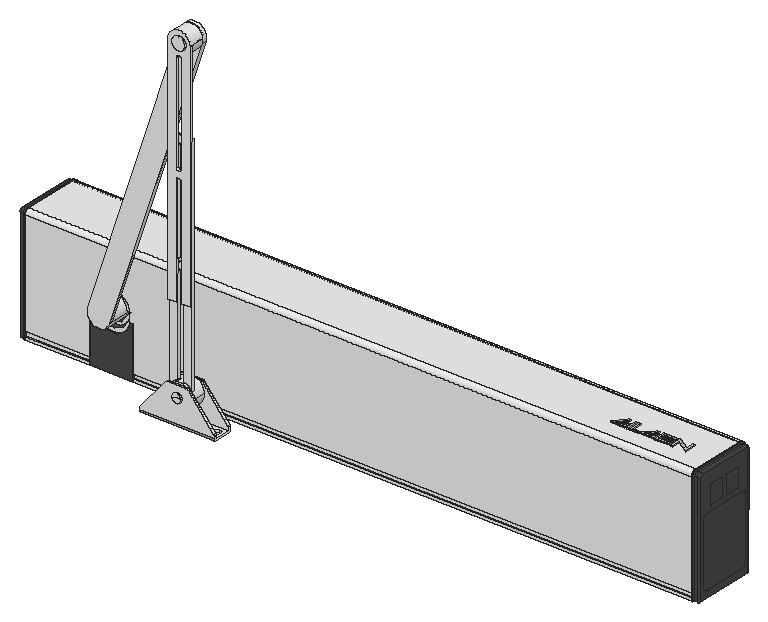
Revit family "Doors_Openers_Gilgen_Swing-Door-Drive-Unit-FD-10 Popravljena", category Generic Models, host Face, Revit 2015 (continued)
Definition of nested family "Architectural-Accessorie_Door-Operator-Gilgen-FD10"
  Forms (mm)
    Extrusion 13, solid, visible <- "Plastic Cover On Top (Opened)", detail levels medium+fine
      sketch origin (-189.41, 1200, -35) x (0, 1, 0) y (1, 0, 0)
        loop
          line (-1144, 209.41) -> (-1144, 212.41) -> (-1200, 212.41) -> (-1200, 166.41)
      from 0 to -2
    Extrusion 14, solid, material <- "Material", detail levels fine
      sketch origin (-100, 96.073, 1524) x (0, 1, 0) y (0, 0, 1)
        loop
          line (-96.073, -1557) -> (-95.073, -1557) -> (-95.073, -1555) -> (-86.073, -1555) -> (-86.073, -1557) -> (-85.073, -1557) -> (-85.073, -1491) -> (-86.073, -1491) -> (-86.073, -1493) -> (-95.073, -1493) -> (-95.073, -1491) -> (-96.073, -1491) -> (-96.073, -1557)
      from 7 to 723
    Extrusion 15, solid, visible <- "Plastic Cover On Bottom (Closed)", detail levels medium+fine
      sketch origin (-189.41, 1200, 35) x (-1, 0, 0) y (0, -1, 0)
        loop
          line (-169.41, 1137) -> (-169.41, 1144) -> (-166.41, 1144) -> (-166.41, 1200) -> (-212.41, 1200) -> (-212.41, 1144) -> (-209.41, 1144) -> (-209.41, 1137)
          arc (-209.41, 1137) -> (-189.41, 1117) -> (-169.41, 1137) r 20
      from 0 to -2
    Extrusion 16, solid, visible <- "Plastic Cover On Top (Closed)", detail levels medium+fine
      sketch origin (-189.41, 1200, -35) x (0, 1, 0) y (1, 0, 0)
        loop
          arc (-1137, 169.41) -> (-1117, 189.41) -> (-1137, 209.41) r 20
          line (-1137, 209.41) -> (-1144, 209.41) -> (-1144, 212.41) -> (-1200, 212.41) -> (-1200, 166.41) -> (-1144, 166.41) -> (-1144, 169.41) -> (-1137, 169.41)
      from 0 to -2
    Extrusion 17, solid, detail levels fine
      sketch origin (-100, 125, 1524) x (-1, 0, 0) y (0, 0, 1)
        loop
          line (-682.349, -1512) -> (-684.349, -1512) -> (-684.349, -1520.158) -> (-698, -1512) -> (-698, -1524) -> (-696, -1524) -> (-696, -1515.842) -> (-682.349, -1524) -> (-682.349, -1512)
        loop
          line (-680.849, -1524) -> (-665.149, -1524) -> (-665.149, -1512) -> (-680.849, -1512) -> (-680.849, -1514) -> (-667.149, -1514) -> (-667.149, -1517) -> (-680.849, -1517) -> (-680.849, -1519) -> (-667.149, -1519) -> (-667.149, -1522) -> (-680.849, -1522) -> (-680.849, -1524)
        loop
          line (-663.649, -1512) -> (-663.649, -1519) -> (-658.392, -1519) -> (-656.714, -1517) -> (-661.649, -1517) -> (-661.649, -1514) -> (-652.238, -1514) -> (-660.629, -1524) -> (-658.018, -1524) -> (-647.949, -1512) -> (-663.649, -1512)
        loop
          line (-646.449, -1512) -> (-648.127, -1514) -> (-640.087, -1514) -> (-640.087, -1524) -> (-638.087, -1524) -> (-638.087, -1512) -> (-646.449, -1512)
        loop
          line (-636.587, -1512) -> (-636.587, -1524) -> (-634.587, -1524) -> (-634.587, -1512) -> (-636.587, -1512)
        loop
          line (-633.087, -1512) -> (-633.087, -1519) -> (-627.83, -1519) -> (-626.151, -1517) -> (-631.087, -1517) -> (-631.087, -1514) -> (-621.676, -1514) -> (-630.067, -1524) -> (-627.456, -1524) -> (-617.387, -1512) -> (-633.087, -1512)
      from 0 to 1
    Extrusion 18, solid, detail levels medium
      sketch origin (-100, 96.073, 1524) x (0, 1, 0) y (0, 0, 1)
        loop
          arc (23.927, -1559) -> (27.462, -1557.536) -> (28.927, -1554) r 5
          line (28.927, -1554) -> (28.927, -1494)
          arc (28.927, -1494) -> (27.462, -1490.464) -> (23.927, -1489) r 5
          line (23.927, -1489) -> (-96.073, -1489) -> (-96.073, -1559) -> (23.927, -1559)
      from 0 to 7
    Extrusion 19, solid, detail levels medium
      sketch origin (630, 1200, -174.297) x (0, 0, -1) y (0, 1, 0)
        loop
          arc (-139.297, -1080) -> (-140.761, -1076.464) -> (-144.297, -1075) r 5
          line (-144.297, -1075) -> (-204.297, -1075)
          arc (-204.297, -1075) -> (-207.832, -1076.464) -> (-209.297, -1080) r 5
          line (-209.297, -1080) -> (-209.297, -1200) -> (-139.297, -1200) -> (-139.297, -1080)
      from 0 to -7
    Extrusion 20, solid, material <- "Material", detail levels medium
      sketch origin (-100, 96.073, 1524) x (0, 1, 0) y (0, 0, 1)
        loop
          line (-96.073, -1559) -> (23.927, -1559)
          arc (23.927, -1559) -> (27.462, -1557.536) -> (28.927, -1554) r 5
          line (28.927, -1554) -> (28.927, -1494)
          arc (28.927, -1494) -> (27.462, -1490.464) -> (23.927, -1489) r 5
          line (23.927, -1489) -> (-96.073, -1489) -> (-96.073, -1559)
      from 7 to 723
    Extrusion 21, solid, material <- "Material", detail levels medium
      sketch origin (-189.41, 1200, 35) x (-1, 0, 0) y (0, -1, 0)
        loop
          line (-169.41, 1137) -> (-169.41, 1144)
          arc (-169.41, 1144) -> (-189.41, 1160.073) -> (-209.41, 1144) r 20.48
          line (-209.41, 1144) -> (-209.41, 1137)
          arc (-209.41, 1137) -> (-189.41, 1117) -> (-169.41, 1137) r 20
      from -2 to -68
    Extrusion 22, solid, material <- "Material", detail levels coarse
      sketch origin (-100, 96.073, 1524) x (0, 1, 0) y (0, 0, 1)
        loop
          line (28.927, -1559) -> (28.927, -1489) -> (-96.073, -1489) -> (-96.073, -1559) -> (28.927, -1559)
      from 0 to 730
  Cuts and joins
    joined: Extrusion 3, Sweep 5, Extrusion 6, Extrusion 7
    joined: Extrusion 2, Sweep 4, Extrusion 8, Extrusion 9
    Extrusion 10 cuts Extrusion 1
    joined: Extrusion 1, Extrusion 14
    Extrusion 10 cuts Extrusion 20
  Dimensions and locks
    aligned and locked: level to plane 2
Definition of nested family "Architectural-Accessorie_Door-Sliding Rod-Gilgen-FD10"
  Parameters (values of type "Architectural-Accessorie_Door-Sliding Rod-Gilgen-FD10")
    Rod Length [instance] = 650 mm
    Material = none
    Default Elevation = 1219.2 mm
  Reference planes
    plane 1 "Center (Front/Back)": y = 0
    plane 2: z = 0
    plane 3 "Center (Left/Right)": x = 0
    plane 4: x = 650
    plane 5: x = 659
    plane 6: x = -9
  Forms (mm)
    Extrusion 1, solid, detail levels medium+fine
      sketch origin (-9, -1524, -8.5) x (-1, 0, 0) y (0, -1, 0)
        loop
          line (0, -1549) -> (0, -1524) -> (-10, -1524) -> (-10, -1526) -> (-2, -1526) -> (-2, -1547) -> (-10, -1547) -> (-10, -1549) -> (0, -1549)
      from 0 to 17
    Extrusion 2, solid, detail levels medium+fine
      sketch origin (-9, -1524, -8.5) x (-1, 0, 0) y (0, -1, 0)
        loop
          line (-668, -1549) -> (-658, -1549) -> (-658, -1547) -> (-666, -1547) -> (-666, -1526) -> (-658, -1526) -> (-658, -1524) -> (-668, -1524) -> (-668, -1549)
      from 0 to 17
    Extrusion 3, solid, material <- "Material", detail levels medium+fine
      sketch origin (-9, -1524, -8.5) x (-1, 0, 0) y (0, -1, 0)
        loop
          line (-10, -1524) -> (-658, -1524) -> (-658, -1526) -> (-666, -1526) -> (-666, -1547) -> (-658, -1547) -> (-658, -1549) -> (-10, -1549) -> (-10, -1547) -> (-2, -1547) -> (-2, -1526) -> (-10, -1526) -> (-10, -1524)
      from 15 to 17
    Extrusion 4, solid, material <- "Material", detail levels medium+fine
      sketch origin (-9, -1524, -8.5) x (-1, 0, 0) y (0, -1, 0)
        loop
          line (-658, -1549) -> (-10, -1549) -> (-10, -1547) -> (-2, -1547) -> (-2, -1543) -> (-666, -1543) -> (-666, -1547) -> (-658, -1547) -> (-658, -1549)
        loop
          line (-658, -1524) -> (-658, -1526) -> (-666, -1526) -> (-666, -1530) -> (-2, -1530) -> (-2, -1526) -> (-10, -1526) -> (-10, -1524) -> (-658, -1524)
      from 0 to 2
    Extrusion 5, solid, material <- "Material", detail levels medium+fine
      sketch origin (-9, -1524, -8.5) x (-1, 0, 0) y (0, -1, 0)
        loop
          line (-10, -1549) -> (-10, -1547) -> (-658, -1547) -> (-658, -1549) -> (-10, -1549)
        loop
          line (-658, -1524) -> (-658, -1526) -> (-10, -1526) -> (-10, -1524) -> (-658, -1524)
      from 2 to 15
    Extrusion 6, solid, material <- "Material", detail levels coarse
      sketch origin (-9, -1524, -8.5) x (-1, 0, 0) y (0, -1, 0)
        loop
          line (0, -1549) -> (0, -1524) -> (-668, -1524) -> (-668, -1549) -> (0, -1549)
      from 0 to 17
    Extrusion 7, void
      sketch origin (0, 0, 0) x (0, 1, 0) y (0, 0, 1)
        loop
          line (25, 8.5) -> (24, 8.5)
          arc (24, 8.5) -> (24.707, 8.207) -> (25, 7.5) r 1
          line (25, 7.5) -> (25, 8.5)
        loop
          line (0, 8.5) -> (0, 7.5)
          arc (0, 7.5) -> (0.293, 8.207) -> (1, 8.5) r 1
          line (1, 8.5) -> (0, 8.5)
      from 659 to -9
  Cuts and joins
    Extrusion 7 cuts Extrusion 3
    Extrusion 7 cuts Extrusion 4
    Extrusion 7 cuts Extrusion 5
    joined: Extrusion 3, Extrusion 4, Extrusion 5
  Dimensions and locks
    "Rod Length": plane 3 "Center (Left/Right)" to plane 4
    locked: plane 4 to plane 5 at 9
    locked: plane 6 to plane 3 "Center (Left/Right)" at 9
    aligned and locked: level to plane 2
    aligned and locked: Extrusion 1 sketch curve to plane 6
    aligned and locked: Extrusion 2 sketch curve to plane 5
    aligned and locked: Extrusion 5 sketch curve to plane 1 "Center (Front/Back)"
    aligned and locked: Extrusion 6 sketch curve to plane 6
    aligned and locked: Extrusion 6 sketch curve to plane 5
    aligned and locked: Extrusion 6 sketch curve to plane 1 "Center (Front/Back)"
    aligned and locked: plane 5 to Extrusion 7
    aligned and locked: Extrusion 7 to plane 6
  Automatic sketch dimensions
    plane 1 "Center (Front/Back)" to Extrusion 1 sketch curve = 0 mm
    plane 6 to Extrusion 1 sketch curve = 2 mm
    plane 3 "Center (Left/Right)" to Extrusion 1 sketch curve = 1 mm  (x2)
    Extrusion 1 sketch curve to plane 1 "Center (Front/Back)" = 2 mm
    Extrusion 1 sketch curve to Extrusion 1 sketch curve = 21 mm
    Extrusion 1 sketch curve to Extrusion 1 sketch curve = 2 mm
    plane 1 "Center (Front/Back)" to Extrusion 2 sketch curve = 0 mm
    Extrusion 2 sketch curve to plane 5 = 2 mm
    Extrusion 2 sketch curve to plane 4 = 1 mm  (x2)
    Extrusion 2 sketch curve to plane 1 "Center (Front/Back)" = 2 mm
    Extrusion 2 sketch curve to Extrusion 2 sketch curve = 21 mm
    Extrusion 2 sketch curve to Extrusion 2 sketch curve = 2 mm
    plane 1 "Center (Front/Back)" to Extrusion 3 sketch curve = 0 mm
    Extrusion 3 sketch curve to plane 5 = 2 mm
    Extrusion 3 sketch curve to plane 4 = 1 mm  (x2)
    plane 3 "Center (Left/Right)" to Extrusion 3 sketch curve = 1 mm  (x2)
    plane 6 to Extrusion 3 sketch curve = 2 mm
    Extrusion 3 sketch curve to plane 1 "Center (Front/Back)" = 2 mm  (x2)
    Extrusion 3 sketch curve to Extrusion 3 sketch curve = 21 mm  (x2)
    Extrusion 3 sketch curve to Extrusion 3 sketch curve = 2 mm
    plane 1 "Center (Front/Back)" to Extrusion 4 sketch curve = 0 mm
    Extrusion 4 sketch curve to plane 5 = 2 mm  (x2)
    Extrusion 4 sketch curve to plane 4 = 1 mm  (x2)
    plane 3 "Center (Left/Right)" to Extrusion 4 sketch curve = 1 mm  (x2)
    plane 6 to Extrusion 4 sketch curve = 2 mm  (x2)
    Extrusion 4 sketch curve to plane 1 "Center (Front/Back)" = 2 mm  (x2)
    Extrusion 4 sketch curve to Extrusion 4 sketch curve = 4 mm  (x3)
    Extrusion 4 sketch curve to Extrusion 4 sketch curve = 13 mm
    Extrusion 4 sketch curve to Extrusion 4 sketch curve = 2 mm
    Extrusion 5 sketch curve to plane 4 = 1 mm  (x2)
    plane 3 "Center (Left/Right)" to Extrusion 5 sketch curve = 1 mm  (x2)
    Extrusion 5 sketch curve to plane 1 "Center (Front/Back)" = 2 mm
    Extrusion 5 sketch curve to Extrusion 5 sketch curve = 21 mm
    Extrusion 5 sketch curve to Extrusion 5 sketch curve = 2 mm
    Extrusion 6 sketch curve to plane 1 "Center (Front/Back)" = 25 mm
    Extrusion 7 sketch curve to plane 1 "Center (Front/Back)" = 0 mm
    Extrusion 7 sketch curve to plane 1 "Center (Front/Back)" = 1 mm
    level to Extrusion 7 sketch curve = 7.5 mm  (x2)
    Extrusion 7 sketch curve to Extrusion 7 sketch curve = 23 mm
    Extrusion 7 sketch curve to Extrusion 7 sketch curve = 1 mm
Definition of nested family "Architectural-Accessorie_Door-Standard-Rod-Gilgen-FD10"
  Parameters (values of type "Architectural-Accessorie_Door-Standard-Rod-Gilgen-FD10")
    Material = none
    Default Elevation = 1219.2 mm
  Reference planes
    plane 1 "Center (Front/Back)": y = 0
    plane 2: z = 0
    plane 3 "Center (Left/Right)": x = 0
    plane 4: y = 28
  Forms (mm)
    Extrusion 1, solid, material <- "Material", detail levels medium+fine
      sketch origin (0, 0, 0) x (1, 0, 0) y (0, 0, 1)
        loop
          line (-40, -8.5) -> (40, -8.5) -> (40, 8.5) -> (-40, 8.5) -> (-40, -8.5)
        loop
          circle (-34, 0) r 4.01
        loop
          circle (34, 0) r 4.01
      from 0 to -2
    Extrusion 2, solid, material <- "Material", detail levels medium+fine
      sketch origin (0, 0, 0) x (0, 1, 0) y (0, 0, 1)
        loop
          arc (2, 10.5) -> (0.586, 9.914) -> (0, 8.5) r 2
          line (0, 8.5) -> (40, 8.5) -> (40, 10.5) -> (2, 10.5)
        loop
          line (2, -10.5) -> (40, -10.5) -> (40, -8.5) -> (0, -8.5)
          arc (0, -8.5) -> (0.586, -9.914) -> (2, -10.5) r 2
      from -40 to 40
    Extrusion 3, void
      sketch origin (0, 0, 0) x (1, 0, 0) y (0, 1, 0)
        loop
          arc (-11.899, 38.928) -> (-10.869, 39.719) -> (-9.601, 40) r 3
          line (-9.601, 40) -> (9.601, 40)
          arc (9.601, 40) -> (10.869, 39.719) -> (11.899, 38.928) r 3
          line (11.899, 38.928) -> (39.298, 6.276)
          arc (39.298, 6.276) -> (39.819, 5.373) -> (40, 4.347) r 3
          line (40, 4.347) -> (40, 0) -> (41, 0) -> (41, 41) -> (-41, 41) -> (-41, 0) -> (-40, 0) -> (-40, 4.347)
          arc (-40, 4.347) -> (-39.819, 5.373) -> (-39.298, 6.276) r 3
          line (-39.298, 6.276) -> (-11.899, 38.928)
        loop
          circle (0, 28) r 4
      from -12.5 to 12.5
    Revolve 4, solid, material <- "Material", detail levels medium+fine
      sketch origin (-4, 28, 1200) x (-1, 0, 0) y (0, 0, 1)
        loop
          line (-8, -1189.5) -> (-8, -1210.5) -> (-8.8, -1210.5) -> (-8.8, -1211.5) -> (-4, -1211.5) -> (-4, -1188.5) -> (-8.8, -1188.5) -> (-8.8, -1189.5) -> (-8, -1189.5)
        axis (-4, -1188.5) -> (-4, -1211.5)
      angle from 0 to 360
    Extrusion 5, solid, material <- "Material", detail levels coarse
      sketch origin (0, 0, 0) x (1, 0, 0) y (0, 1, 0)
        loop
          line (-40, 0) -> (40, 0) -> (40, 5.439) -> (11, 40) -> (-11, 40) -> (-40, 5.439) -> (-40, 0)
      from -10.5 to 10.5
  Cuts and joins
    Extrusion 3 cuts Extrusion 1
    Extrusion 3 cuts Extrusion 2
    joined: Extrusion 1, Extrusion 2, Revolve 4
  Dimensions and locks
    aligned and locked: level to plane 2
Definition of nested family "Architectural-Accessorie_Door-Sliding-Rod-Arm-Gilgen-FD10"
  Parameters (values of type "Architectural-Accessorie_Door-Sliding-Rod-Arm-Gilgen-FD10")
    Material = none
    Default Elevation = 0 mm  # constant formula
    Connection Depth [instance] = 100 mm
  Reference planes
    plane 1 "Center (Front/Back)": y = 0
    plane 2: z = 0
    plane 3 "Center (Left/Right)": x = 0
    plane 4: y = 500
    plane 5: z = -50
  Forms (mm)
    Extrusion 1, solid, material <- "Material"
      sketch origin (0, 0, 0) x (1, 0, 0) y (0, 1, 0)
        loop
          circle (0, 0) r 12
      from -50 to 100 <- "Connection Depth"
    Extrusion 2, solid, material <- "Material"
      sketch origin (0, 0, 100) x (1, 0, 0) y (0, 1, 0)
        loop
          arc (12, 500) -> (0, 512) -> (-12, 500) r 12
          line (-12, 500) -> (-12, 0) -> (12, 0) -> (12, 500)
      from 0 to -4
  Cuts and joins
    joined: Extrusion 1, Extrusion 2
  Dimensions and locks
    locked: plane 2 to plane 5 at 50
    aligned and locked: level to plane 2
    aligned and locked: plane 4 to Extrusion 2 sketch curve
    aligned and locked: plane 3 "Center (Left/Right)" to Extrusion 2 sketch curve
    aligned and locked: cut or joined group of Extrusion 1, Extrusion 2 to plane 5
Definition of nested family "Architectural-Accessorie_Door-Standard-Rod-Arm-Gilgen-FD10"
  Parameters (values of type "Architectural-Accessorie_Door-Standard-Rod-Arm-Gilgen-FD10")
    YN = yes
    Material = none
    Length = 399 mm
    Default Elevation = 0 mm  # constant formula
    Connection Depth Control [instance] = Connection Depth - 9 mm  # 71 mm
    Connection Depth [instance] = 80 mm
  Reference planes
    plane 1 "Center (Front/Back)": y = 0
    plane 2: z = 0
    plane 3 "Center (Left/Right)": x = 0
    plane 4: y = 399
    plane 5: z = -50
  Forms (mm)
    Extrusion 1, solid, material <- "Material"
      sketch origin (0, 0, 0) x (1, 0, 0) y (0, 1, 0)
        loop
          circle (0, 0) r 12
      from -50 to 71 <- "Connection Depth Control"
    Extrusion 2, solid, material <- "Material"
      sketch origin (0, 0, 71) x (1, 0, 0) y (0, 1, 0)
        loop
          arc (12, 399) -> (0, 411) -> (-12, 399) r 12
          line (-12, 399) -> (-12, 0) -> (12, 0) -> (12, 399)
        loop
          circle (0, 399) r 7
      from 0 to -4
    Extrusion 3, solid, material <- "Material", detail levels medium+fine
      sketch origin (0, -50, 71) x (1, 0, 0) y (0, 1, 0)
        loop
          circle (0, 449) r 7
      from -5 to 18
  Cuts and joins
    joined: Extrusion 1, Extrusion 2
  Dimensions and locks
    locked: plane 2 to plane 5 at 50
    "Length": plane 1 "Center (Front/Back)" to plane 4
    aligned and locked: level to plane 2
    aligned and locked: plane 4 to Extrusion 2 sketch curve
    aligned and locked: plane 3 "Center (Left/Right)" to Extrusion 2 sketch curve
    aligned and locked: cut or joined group of Extrusion 1, Extrusion 2 to plane 5
    aligned and locked: plane 1 "Center (Front/Back)" to Extrusion 2 sketch curve
    aligned and locked: plane 4 to Extrusion 3 sketch curve
    aligned and locked: plane 3 "Center (Left/Right)" to Extrusion 3 sketch curve
  Automatic sketch dimensions
    plane 1 "Center (Front/Back)" to Extrusion 1 sketch curve = 0 mm
    Extrusion 1 sketch curve to plane 3 "Center (Left/Right)" = 0 mm
    Extrusion 2 sketch curve to Extrusion 2 sketch curve = 0 mm  (x2)
    Extrusion 2 sketch curve to Extrusion 2 sketch curve = 12 mm
    radius of Extrusion 1 sketch curve = 12 mm
    radius of Extrusion 2 sketch curve = 7 mm
    radius of Extrusion 3 sketch curve = 7 mm
Definition of nested family "Architectural-Accessorie_Door-Standard-Rod-ArmB-Gilgen-FD10"
  Parameters (values of type "Architectural-Accessorie_Door-Standard-Rod-ArmB-Gilgen-FD10")
    Top [instance] = no
    Material = none
    Lintel Depth [instance] = 249 mm
    Length Control [instance] = if(and(Bottom, Lintel Depth < 250 mm), (250 mm + (250 mm - Lintel Depth)) - ((250 mm - Lintel Depth) / 2), if(and(Top, Lintel Depth > 248 mm), 250 mm + (Lintel Depth - 250 mm), if(and(Top, Lintel Depth < 248 mm), (250 mm - (248 mm - (250 mm - (250 mm - Lintel Depth)))) + ((248 mm - (250 mm - (250 mm - Lintel Depth))) / 2) - 10 mm, 250 mm)))  # 250.5 mm
    Default Elevation = 0 mm  # constant formula
    Bottom [instance] = yes
  Reference planes
    plane 1 "Center (Front/Back)": y = 0
    plane 2: z = 0
    plane 3 "Center (Left/Right)": x = 0
    plane 4: y = 250.5
    plane 5: y = 133.25
    plane 6: y = 121.25
    plane 7: y = 127.25
    plane 8: y = 15
    plane 9: y = 239.5
    plane 10: y = 236.2
  Forms (mm)
    Extrusion 1, solid, material <- "Material", detail levels medium+fine
      sketch origin (0, 0, 0) x (1, 0, 0) y (0, 1, 0)
        loop
          circle (0, 0) r 12
        loop
          circle (0, 0) r 7
      from -8 to 8
    Extrusion 2, solid, material <- "Material", detail levels medium+fine
      sketch origin (0, 0, -8) x (0, 1, 0) y (1, 0, 0)
        loop
          line (0, -12) -> (250.5, -12) -> (250.5, -3) -> (133.25, -3)
          arc (133.25, -3) -> (130.25, 0) -> (133.25, 3) r 3
          line (133.25, 3) -> (250.5, 3) -> (250.5, 12) -> (0, 12)
          arc (0, 12) -> (-12, 0) -> (0, -12) r 12
        loop
          line (15, -3) -> (121.25, -3)
          arc (121.25, -3) -> (124.25, 0) -> (121.25, 3) r 3
          line (121.25, 3) -> (15, 3)
          arc (15, 3) -> (12, 0) -> (15, -3) r 3
        loop
          circle (0, 0) r 7
      from 0 to -2.5
    Extrusion 3, solid, material <- "Material", detail levels coarse
      sketch origin (0, 0, 8) x (1, 0, 0) y (0, 1, 0)
        loop
          circle (0, 0) r 12
      from 0 to -16
    Extrusion 4, solid, material <- "Material", detail levels coarse
      sketch origin (0, 0, -8) x (0, 1, 0) y (1, 0, 0)
        loop
          line (250.5, 12) -> (0, 12)
          arc (0, 12) -> (-12, 0) -> (0, -12) r 12
          line (0, -12) -> (250.5, -12) -> (250.5, 12)
      from 0 to -2.5
  Cuts and joins
    joined: Extrusion 1, Extrusion 2
    joined: Extrusion 3, Extrusion 4
  Dimensions and locks
    "Length Control": plane 1 "Center (Front/Back)" to plane 4
    plane 5 to plane 7 to plane 6 = 6 mm locked, 6 mm locked
    locked: plane 9 to plane 4 at 11
    locked: plane 1 "Center (Front/Back)" to plane 8 at 15
    equal spacing: plane 9, plane 7, plane 8
    locked: plane 10 to plane 9 at 3.3
    aligned and locked: level to plane 2
    aligned and locked: Extrusion 2 sketch curve to plane 4  (x2)
    aligned and locked: Extrusion 4 sketch curve to plane 4
    aligned and locked: plane 3 "Center (Left/Right)" to Extrusion 2 sketch curve  (x2)
    aligned and locked: plane 5 to Extrusion 2 sketch curve
    aligned and locked: plane 6 to Extrusion 2 sketch curve
  Automatic sketch dimensions
    Extrusion 1 sketch curve to Extrusion 1 sketch curve = 0 mm  (x2)
    plane 1 "Center (Front/Back)" to Extrusion 1 sketch curve = 0 mm
    Extrusion 1 sketch curve to plane 3 "Center (Left/Right)" = 0 mm
    Extrusion 2 sketch curve to Extrusion 2 sketch curve = 15 mm
    Extrusion 2 sketch curve to Extrusion 2 sketch curve = 3 mm  (x3)
    radius of Extrusion 1 sketch curve = 12 mm
    radius of Extrusion 1 sketch curve = 7 mm
    radius of Extrusion 2 sketch curve to Extrusion 1 = 0 mm  (x2)
    radius of Extrusion 3 sketch curve to Extrusion 1 = 0 mm
    radius of Extrusion 4 sketch curve to Extrusion 3 = 0 mm
Definition of nested family "Architectural-Accessorie_Door-Standard-Rod-ArmC-Gilgen-FD10"
  Parameters (values of type "Architectural-Accessorie_Door-Standard-Rod-ArmC-Gilgen-FD10")
    Top [instance] = no
    Material = none
    Lintel Depth [instance] = 200 mm
    Length Control [instance] = if(and(Bottom, Lintel Depth < 250 mm), (250 mm + (250 mm - Lintel Depth)) - ((250 mm - Lintel Depth) / 2), if(and(Top, Lintel Depth < 162 mm), 250 mm - (162 mm - (250 mm - (250 mm - Lintel Depth))), if(and(Top, Lintel Depth > 250 mm), 250 mm + (Lintel Depth - 250 mm), 250 mm)))  # 275 mm
    Default Elevation = 0 mm  # constant formula
    Bottom [instance] = yes
  Reference planes
    plane 1 "Center (Front/Back)": y = 0
    plane 2: z = 0
    plane 3 "Center (Left/Right)": x = 0
    plane 4: y = 275
    plane 5: y = 143.5
    plane 6: y = 131.5
    plane 7: y = 137.5
    plane 8: y = 258.7
    plane 9: y = 265
  Forms (mm)
    Extrusion 1, solid, material <- "Material", detail levels medium+fine
      sketch origin (0, 0, 0) x (1, 0, 0) y (0, 1, 0)
        loop
          circle (0, 0) r 14
        loop
          circle (0, 0) r 7
      from -8 to 8
    Extrusion 2, solid, material <- "Material", detail levels medium+fine
      sketch origin (0, 0, -8) x (0, 1, 0) y (1, 0, 0)
        loop
          line (0, -12) -> (275, -12) -> (275, 12) -> (0, 12)
          arc (0, 12) -> (-12, 0) -> (0, -12) r 12
        loop
          line (15, -3) -> (131.5, -3)
          arc (131.5, -3) -> (134.5, 0) -> (131.5, 3) r 3
          line (131.5, 3) -> (15, 3)
          arc (15, 3) -> (12, 0) -> (15, -3) r 3
        loop
          line (265, 3) -> (143.5, 3)
          arc (143.5, 3) -> (140.5, 0) -> (143.5, -3) r 3
          line (143.5, -3) -> (265, -3)
          arc (265, -3) -> (268, 0) -> (265, 3) r 3
        loop
          circle (0, 0) r 7
      from -2.5 to -5
    Extrusion 3, solid, material <- "Material", detail levels coarse
      sketch origin (0, 0, -8) x (0, 1, 0) y (1, 0, 0)
        loop
          line (275, 12) -> (0, 12)
          arc (0, 12) -> (-12, 0) -> (0, -12) r 12
          line (0, -12) -> (275, -12) -> (275, 12)
      from -2.5 to -5
  Cuts and joins
    joined: Extrusion 1, Extrusion 2
  Dimensions and locks
    "Length Control": plane 1 "Center (Front/Back)" to plane 4
    plane 5 to plane 7 to plane 6 = 6 mm locked, 6 mm locked
    equal spacing: plane 1 "Center (Front/Back)", plane 7, plane 4
    locked: plane 8 to plane 4 at 16.3
    locked: plane 9 to plane 4 at 10
    aligned and locked: level to plane 2
    aligned and locked: Extrusion 3 sketch curve to plane 4
    aligned and locked: plane 6 to Extrusion 2 sketch curve
    aligned and locked: plane 5 to Extrusion 2 sketch curve
    aligned and locked: Extrusion 2 sketch curve to plane 4
    aligned and locked: plane 3 "Center (Left/Right)" to Extrusion 2 sketch curve
    aligned and locked: plane 9 to Extrusion 2 sketch curve
  Automatic sketch dimensions
    Extrusion 1 sketch curve to Extrusion 1 sketch curve = 0 mm  (x2)
    plane 1 "Center (Front/Back)" to Extrusion 1 sketch curve = 0 mm
    Extrusion 1 sketch curve to plane 3 "Center (Left/Right)" = 0 mm
    Extrusion 2 sketch curve to Extrusion 2 sketch curve = 15 mm
    Extrusion 2 sketch curve to Extrusion 2 sketch curve = 0 mm
    Extrusion 2 sketch curve to Extrusion 2 sketch curve = 3 mm  (x2)
    plane 1 "Center (Front/Back)" to Extrusion 3 sketch curve = 0 mm
    Extrusion 3 sketch curve to plane 3 "Center (Left/Right)" = 0 mm
    plane 3 "Center (Left/Right)" to Extrusion 3 sketch curve = 12 mm
    radius of Extrusion 1 sketch curve = 14 mm
    radius of Extrusion 1 sketch curve = 7 mm
    radius of Extrusion 2 sketch curve to Extrusion 1 = 2 mm
    radius of Extrusion 2 sketch curve to Extrusion 1 = 0 mm
Types (2, lengths in mm): name | |_Strd_Bt | |_Slrd_Dstct | |_Slrd_Dstcb | |_Slrd_Bt | |_Rd_Conn01 | |_Hz_Dstc | |_Ar_Distb | |_Add_Ang | x | Type Comments | Rod Type | Product Material | Operator Rod Types                                                                         I | Operator Assembly | Lintel Depth Restriction
  Operator FD10 - Aluminium | yes | 59 | 87 | no | 18 | 100 | 36 | 18.1512° | 321 | "Gilgen Door Operator FD10, with aluminium covering" | "Standard Rod" | Metal - Gilgen - Aluminium Satin | / : Standard Rod | "Operator with Standard Rod, placed on door frame or wall above the door frame" | "From 0mm To +250mm"
  Operator FD10 - Stainless Steel | no | 9 | 70 | yes | 22 | 160 | 40 | 14.4775° | 400 | "Gilgen Door Operator FD10, with stainless steel covering" | "Sliding Rod" | Metal - Gilgen - Stainless Steel Polished | / : Sliding Rod | "Operator with Sliding Rod, placed on door frame or wall above the door frame" | "From -30mm To +150mm"
